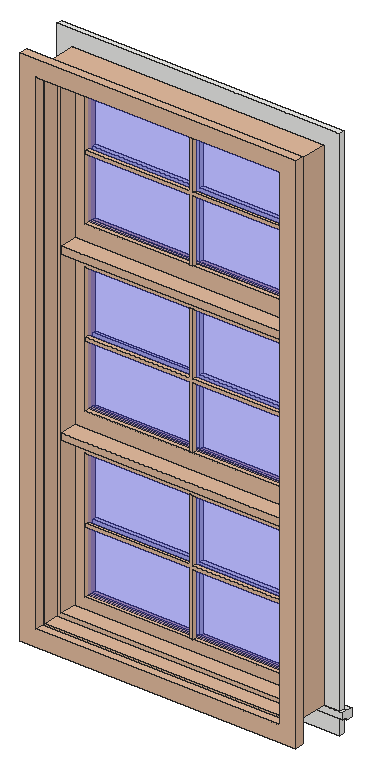
Revit family "7e31cbdf2f624aa29ed5b5c0a0895cb7", category Windows, host Wall, Revit 2021
Family settings
  Host = Wall
  OmniClass Number = 23.30.20.17.21.11
  OmniClass Title = Awning Windows
  Always vertical = Yes
  Cut with Voids When Loaded = No
  Shared = No
  Room Calculation Point = No
Parameters (values of type "36" x 72"")
  Window Inset [instance] = 0' - 0"
  Wall Thickness [instance] = 0' - 6"
  Visual Light Transmittance = 0.81
  Top Sash Height Ratio = 0.33333
  Top Sash Height = Top Sash Height Ratio * Height  # 1' - 11.99998"
  Thermal Resistance (R) = 1.8146 (h·ft²·°F)/BTU
  Solar Heat Gain Coefficient = 0.76
  Rough Width = Width + 0' 0 1/2"  # 3' - 0 1/2"
  Rough Height = Height + 0' 0 1/2"  # 6' - 0 1/2"
  Top Muntin Visibility = yes
  Muntin Pattern = Muntin Pattern_2x2 : Muntin Pattern_2x2
  Middle Sash Height Ratio = 0.33333
  Middle Sash Height = Middle Sash Height Ratio * Height  # 1' - 11.99998"
  Middle Muntin Visibility = yes
  Interior Wall Closure [instance] = 0' - 2 1/4"
  Interior Trim Visibility [instance] = yes
  Interior Trim Material = Wood - Stained
  Interior Trim = Trim-Window-Interior-Flat : Picture Frame
  Interior Frame Material = Wood - Stained
  Height = 6' - 0"
  Heat Transfer Coefficient (U) = 0.5511 BTU/(h·ft²·°F)
  Glass Panel Material = Glass
  Frame Extension [instance] = if(Exterior Trim Visibility, Window Inset + 0' 0 1/4", 0' 0 1/4")  # 0' - 0 1/4"
  Fire Rating = "0.5h"
  Exterior Wall Closure [instance] = 0' - 1 1/4"
  Exterior Trim Visibility [instance] = yes
  Exterior Trim Material = Clad - White
  Exterior Trim = Trim-Window-Exterior-Flat : with Sill
  Exterior Frame Material = Clad - White
  Extension Jamb Visibility [instance] = and(Interior Trim Visibility, Wall Thickness - Window Inset > 0' 3 3/4")  # yes
  Extension Jamb [instance] = if(Wall Thickness - Window Inset > 0' 3 3/4", Wall Thickness - Window Inset - 0' 3 3/4", 0' 1")  # 0' - 2 1/4"
  Default Sill Height = 3' - 0"
  Wall Closure = By host
  Width = 3' - 0"
  Bottom Muntin Visibility = yes
  Assembly Code = "B2020100"
  Analytic Construction = "Double glazing - domestic"
Types (2): name | Rough Width | Width
  36" x 72" | 3' - 0 1/2" | 3' - 0"
  24" x 72" | 2' - 0 1/2" | 2' - 0"
Reference planes (in)
  plane 1 "Center (Front/Back)": y = 0
  plane 2: z = 0
  plane 3 "Center (Left/Right)": x = 0
  plane 4 "Left": x = -18
  plane 5 "Right": x = 18
  plane 6 "Sill": z = 36
  plane 7 "Top": z = 108
  plane 8 "Exterior": y = 3
  plane 9 "Interior": y = -3
  plane 10 "Inset Face": y = 3
  plane 11 "Jamb": y = -0.75
  plane 12 "Sash Face": y = 3.5
  plane 13 "Wall Closure": y = -0.75
  plane 14: y = 2.25
  plane 15: z = 36.5
  plane 16: x = 17.5
  plane 17: x = 15.25
  plane 18: x = -15.25
  plane 19: x = -17.5
  plane 20: z = 107.5
  plane 21: z = 105.25
  plane 22: z = 38.75
  plane 23: y = 1.75
  plane 24: y = 3.75
  plane 25: y = 2.625
  plane 26 "Transom Height": z = 84.50002
  plane 27: z = 86.75002
  plane 28: z = 83.50002
  plane 29: y = 3.75
  plane 30: y = 1.75
  plane 31: y = -0.75
  plane 32: z = 81.24968
  plane 33: z = 84.00002
  plane 34: z = 60.00005
  plane 35: z = 60.50005
  plane 36: z = 59.50005
  plane 37: z = 57.25005
  plane 38: z = 62.75005
  plane 39: y = 3.75
Forms (in)
  Extrusion 1, solid, material "Wood - Stained" <- "Interior Frame Material", visible <- "Extension Jamb Visibility"
    sketch origin (0, 0, 0) x (1, 0, 0) y (0, 0, 1)
      loop
        line (18, 108) -> (-18, 108) -> (-18, 36) -> (18, 36) -> (18, 108)
      loop
        line (17.25, 107.25) -> (-17.25, 107.25) -> (-17.25, 36.75) -> (17.25, 36.75) -> (17.25, 107.25)
    from 0.75 to 3
  Sweep 2, solid, material "Wood - Stained" <- "Interior Frame Material"
    path origin (0, 3.5, 0) x (-1, 0, 0) y (0, 0, 1)
      loop
        line (-18, 108) -> (-18, 36) -> (18, 36) -> (18, 108) -> (-18, 108)
    profile origin (18, 3.5, 72) x (1, 0, 0) y (0, 1, 0)
      loop
        line (-1.25, -1.75) -> (-1.25, -4.25) -> (0, -4.25) -> (0, 0.25) -> (-0.5, 0.25) -> (-0.5, -1.75) -> (-1.25, -1.75)
  Sweep 3, solid, material "Wood - Stained" <- "Interior Frame Material"
    path origin (0, 3.5, 0) x (-1, 0, 0) y (0, 0, 1)
      loop
        line (-17.5, 107.5) -> (-17.5, 84.50002) -> (17.5, 84.50002) -> (17.5, 107.5) -> (-17.5, 107.5)
    profile origin (17.5, 3.5, 96.00001) x (1, 0, 0) y (0, 1, 0)
      loop
        line (-2.25, 0) -> (-2.25, -1.75) -> (0, -1.75) -> (0, 0) -> (-2.25, 0)
  Extrusion 4, solid, material "Glass" <- "Glass Panel Material"
    sketch origin (0, 0, 36) x (0, -1, 0) y (1, 0, 0)
      loop
        line (-2.25, -15.25) -> (-2.25, 15.25) -> (-2.5, 15.25) -> (-2.5, -15.25) -> (-2.25, -15.25)
      loop
        line (-2.75, -15.25) -> (-2.75, 15.25) -> (-3, 15.25) -> (-3, -15.25) -> (-2.75, -15.25)
    from 50.75002 to 69.25
  Extrusion 5, solid, material "Glass" <- "Glass Panel Material"
    sketch origin (0, 0, 36) x (0, -1, 0) y (1, 0, 0)
      loop
        line (-3, -15.25) -> (-2.75, -15.25) -> (-2.75, 15.25) -> (-3, 15.25) -> (-3, -15.25)
      loop
        line (-2.5, -15.25) -> (-2.25, -15.25) -> (-2.25, 15.25) -> (-2.5, 15.25) -> (-2.5, -15.25)
    from 2.75 to 21.25005
  Extrusion 6, solid, material "Wood - Stained" <- "Interior Frame Material"
    sketch origin (0, 0, 36) x (0, -1, 0) y (1, 0, 0)
      loop
        line (-3.75, -17.5) -> (-1.75, -17.5) -> (-1.75, -16.75) -> (0.75, -16.75) -> (0.75, 16.75) -> (-1.75, 16.75) -> (-1.75, 17.5) -> (-3.75, 17.5) -> (-3.75, -17.5)
    from 48.50002 to 47.50002
  Sweep 7, solid, material "Wood - Stained" <- "Interior Frame Material"
    path origin (-72, 3.5, 48) x (-1, 0, 0) y (0, 0, 1)
      loop
        line (-89.5, 11.50005) -> (-89.5, -11.5) -> (-54.5, -11.5) -> (-54.5, 11.50005) -> (-89.5, 11.50005)
    profile origin (17.5, 3.5, 48.00002) x (0, 1, 0) y (-1, 0, 0)
      loop
        line (0, 2.25) -> (-1.75, 2.25) -> (-1.75, 0) -> (0, 0) -> (0, 2.25)
  Sweep 8, solid, material "Wood - Stained" <- "Interior Frame Material"
    path origin (-87.75, 3.5, 48) x (-1, 0, 0) y (0, 0, 1)
      loop
        line (-105.25, 35.50002) -> (-105.25, 12.50005) -> (-70.25, 12.50005) -> (-70.25, 35.50002) -> (-105.25, 35.50002)
    profile origin (17.5, 3.5, 72.00004) x (0, 1, 0) y (-1, 0, 0)
      loop
        line (0, 0) -> (0, 2.25) -> (-1.75, 2.25) -> (-1.75, 0) -> (0, 0)
  Extrusion 9, solid, material "Glass" <- "Glass Panel Material"
    sketch origin (0, 7, 36) x (0, -1, 0) y (1, 0, 0)
      loop
        line (4, -15.25) -> (4.25, -15.25) -> (4.25, 15.25) -> (4, 15.25) -> (4, -15.25)
      loop
        line (4.5, -15.25) -> (4.75, -15.25) -> (4.75, 15.25) -> (4.5, 15.25) -> (4.5, -15.25)
    from 26.75005 to 45.24968
  Extrusion 10, solid, material "Wood - Stained" <- "Interior Frame Material"
    sketch origin (73.12899, 9, 60.00005) x (1, 0, 0) y (0, 1, 0)
      loop
        line (-90.62899, -5.25) -> (-90.62899, -7.25) -> (-89.87899, -7.25) -> (-89.87899, -9.75) -> (-56.37899, -9.75) -> (-56.37899, -7.25) -> (-55.62899, -7.25) -> (-55.62899, -5.25) -> (-90.62899, -5.25)
    from 0.5 to -0.5
Lines and regions (in)
  Opening 1
    outline origin (-60, -3, 0) x (1, 0, 0) y (0, 0, 1)
      loop
        line (42, 108) -> (42, 36) -> (78, 36) -> (78, 108) -> (42, 108)
  Split face 1
    outline origin (-15.25, 1.75, 86.75002) x (1, 0, 0) y (0, 1, 0)
      loop
        line (0, 1.25) -> (30.5, 1.25)
  Split face 2
    outline origin (15.25, 1.75, 86.75002) x (0, 0, 1) y (0, 1, 0)
      loop
        line (0, 1.25) -> (18.49998, 1.25)
  Split face 3
    outline origin (-15.25, 1.75, 105.25) x (0, 0, -1) y (0, 1, 0)
      loop
        line (0, 1.25) -> (18.49998, 1.25)
  Split face 4
    outline origin (15.25, 1.75, 105.25) x (0, 1, 0) y (-1, 0, 0)
      loop
        line (1.25, 30.5) -> (1.25, 0)
  Split face 5
    outline origin (0, 0, 84.50002) x (0, -1, 0) y (1, 0, 0)
      loop
        line (-3.5, 17.5) -> (-3.5, -17.5)
  Split face 6
    outline origin (15.25, 3.5, 38.75) x (-1, 0, 0) y (0, -1, 0)
      loop
        line (30.5, 0.5) -> (0, 0.5)
  Split face 7
    outline origin (15.25, 3.5, 57.25005) x (0, 0, -1) y (0, -1, 0)
      loop
        line (18.50005, 0.5) -> (0, 0.5)
  Split face 8
    outline origin (-15.25, 3.5, 57.25005) x (0, -1, 0) y (1, 0, 0)
      loop
        line (0.5, 30.5) -> (0.5, 0)
  Split face 9
    outline origin (-15.25, 3.5, 38.75) x (0, 0, 1) y (0, -1, 0)
      loop
        line (18.50005, 0.5) -> (0, 0.5)
  Split face 10
    outline origin (0, 0, 83.50002) x (0, -1, 0) y (1, 0, 0)
      loop
        line (-3.5, 17.5) -> (-3.5, -17.5)
  Split face 11
    outline origin (15.25, 3.5, 62.75005) x (-1, 0, 0) y (0, -1, 0)
      loop
        line (30.5, 0.5) -> (0, 0.5)
  Split face 12
    outline origin (15.25, 3.5, 81.25002) x (0, 0, -1) y (0, -1, 0)
      loop
        line (0.00035, 0.5) -> (18.49998, 0.5)
  Split face 13
    outline origin (-15.25, 3.5, 62.75005) x (0, 0, 1) y (0, -1, 0)
      loop
        line (0, 0.5) -> (18.49998, 0.5)
  Split face 14
    outline origin (-15.25, 3.5, 81.25002) x (0, -1, 0) y (1, 0, 0)
      loop
        line (0.5, 30.5) -> (0.5, 0)
  Split face 15
    outline origin (73.12899, 9, 59.50005) x (1, 0, 0) y (0, 1, 0)
      loop
        line (-55.62899, -5.5) -> (-90.62899, -5.5)
  Split face 16
    outline origin (73.12899, 9, 60.50005) x (1, 0, 0) y (0, 1, 0)
      loop
        line (-90.62899, -5.5) -> (-55.62899, -5.5)
  symbolic lines, style "Elevation Swing"
    curve 1: line (0, -3, 107.5) -> (17.5, -3, 84.50002)
    curve 2: line (0, -3, 107.5) -> (-17.5, -3, 84.50002)
    curve 3: line (0, -3, 83.50002) -> (17.5, -3, 60.50005)
    curve 4: line (0, -3, 83.50002) -> (-17.5, -3, 60.50005)
    curve 5: line (0, -3, 59.50005) -> (17.5, -3, 36.5)
    curve 6: line (0, -3, 59.50005) -> (-17.5, -3, 36.5)
Text (in)
  text "EXTERIOR" at (-58.6888, 50.90694, 0), in view "Ref. Level"
  text "INTERIOR" at (-58.6888, -37.76638, 0), in view "Ref. Level"
  text "Exterior" at (0, 43.65631, 123.19604), in view "Left"
  text "Exterior" at (0, 18.29385, 125.04747), in view "Right"
Dimensions and locks (in)
  equal spacing: plane 4 "Left", plane 3 "Center (Left/Right)", plane 5 "Right"
  "Width": plane 4 "Left" to plane 5 "Right"
  "Height": plane 6 "Sill" to plane 7 "Top"
  "Default Sill Height": plane 2 to plane 6 "Sill"
  "Window Inset": plane 8 "Exterior" to plane 10 "Inset Face"
  "Extension Jamb": plane 11 "Jamb" to plane 9 "Interior"
  locked: plane 12 "Sash Face" to plane 10 "Inset Face" at 0.5
  locked: plane 10 "Inset Face" to plane 13 "Wall Closure" at 3.75
  locked: plane 10 "Inset Face" to plane 14 at 0.75
  locked: plane 6 "Sill" to plane 15 at 0.5
  locked: Sweep 2 sketch curve to Sweep 2 sketch curve at 1.25
  locked: plane 16 to plane 5 "Right" at 0.5
  locked: plane 17 to plane 16 at 2.25
  locked: plane 4 "Left" to plane 19 at 0.5
  locked: plane 19 to plane 18 at 2.25
  locked: plane 20 to plane 7 "Top" at 0.5
  locked: Sweep 2 sketch curve to Sweep 2 sketch curve at 0.5
  equal spacing: Extrusion 4 sketch curve, Extrusion 4 sketch curve, Extrusion 4 sketch curve, Extrusion 4 sketch curve
  locked: plane 15 to plane 22 at 2.25
  locked: plane 21 to plane 20 at 2.25
  locked: plane 14 to plane 23 at 0.5
  locked: plane 24 to plane 8 "Exterior" at 0.75
  plane 12 "Sash Face" to Sweep 2 sketch curve = 0' - 1 3/4"
  equal spacing: plane 10 "Inset Face", plane 25, plane 14
  locked: plane 26 "Transom Height" to plane 27 at 2.25
  equal spacing: Extrusion 5 sketch curve, Extrusion 5 sketch curve, Extrusion 5 sketch curve, Extrusion 5 sketch curve
  "Wall Thickness": host wall to host wall
  plane 28 to plane 26 "Transom Height" = 0' - 1"
  locked: plane 29 to plane 12 "Sash Face" at 0.25
  "Interior Wall Closure": plane 31 to plane 9 "Interior"
  "Exterior Wall Closure": plane 8 "Exterior" to plane 30
  locked: plane 32 to plane 28 at 2.25035
  equal spacing: plane 28, plane 33, plane 26 "Transom Height"
  "Top Sash Height": plane 33 to plane 7 "Top"
  equal spacing: plane 36, plane 34, plane 35
  plane 36 to plane 35 = 0' - 1"
  "Middle Sash Height": plane 34 to plane 33
  locked: plane 37 to plane 36 at 2.25
  locked: plane 35 to plane 38 at 2.25
  equal spacing: Extrusion 9 sketch curve, Extrusion 9 sketch curve, Extrusion 9 sketch curve, Extrusion 9 sketch curve
  locked: Extrusion 10 sketch curve to plane 16 at 0.75
  locked: plane 19 to Extrusion 10 sketch curve at 0.75
  "Frame Extension": plane 39 to plane 12 "Sash Face"
  aligned and locked: plane 7 "Top" to Opening 1 sketch curve
  aligned and locked: plane 6 "Sill" to Opening 1 sketch curve  (x2)
  aligned and locked: plane 5 "Right" to Opening 1 sketch curve
  aligned and locked: plane 4 "Left" to Opening 1 sketch curve
  aligned and locked: level to plane 2
  aligned and locked: plane 8 "Exterior" to host wall
  aligned and locked: plane 9 "Interior" to host wall
  aligned and locked: Extrusion 1 sketch curve to plane 6 "Sill"
  aligned and locked: plane 7 "Top" to Extrusion 1 sketch curve
  aligned and locked: plane 5 "Right" to Extrusion 1 sketch curve
  aligned and locked: Extrusion 1 sketch curve to plane 4 "Left"
  aligned and locked: Extrusion 1 to plane 9 "Interior"
  aligned and locked: Sweep 2 sketch curve to plane 6 "Sill"
  aligned and locked: Sweep 2 sketch curve to plane 4 "Left"
  aligned and locked: plane 7 "Top" to Sweep 2 sketch curve
  aligned and locked: plane 5 "Right" to Sweep 2 sketch curve
  aligned and locked: Sweep 2 sketch curve to plane 5 "Right"
  aligned and locked: plane 16 to Sweep 3 sketch curve
  aligned and locked: Sweep 3 sketch curve to plane 19
  aligned and locked: Sweep 3 sketch curve to plane 20
  aligned and locked: plane 12 "Sash Face" to Sweep 3 sketch curve
  aligned and locked: Sweep 3 sketch curve to plane 16
  aligned and locked: plane 17 to Sweep 3 sketch curve
  aligned and locked: Sweep 3 sketch curve to Sweep 2
  aligned and locked: plane 17 to Extrusion 4 sketch curve  (x2)
  aligned and locked: Extrusion 4 sketch curve to plane 18  (x2)
  aligned and locked: plane 21 to Extrusion 4
  aligned and locked: plane 18 to Split face 1 sketch curve
  aligned and locked: Split face 1 sketch curve to plane 10 "Inset Face"
  aligned and locked: plane 17 to Split face 1 sketch curve
  aligned and locked: plane 3 "Center (Left/Right)" to nested 1
  aligned and locked: nested 1 to plane 8 "Exterior"
  aligned and locked: plane 21 to Split face 2 sketch curve
  aligned and locked: Split face 2 sketch curve to plane 10 "Inset Face"
  aligned and locked: plane 21 to Split face 3 sketch curve
  aligned and locked: plane 10 "Inset Face" to Split face 3 sketch curve
  aligned and locked: plane 18 to Split face 4 sketch curve
  aligned and locked: plane 17 to Split face 4 sketch curve
  aligned and locked: Split face 4 sketch curve to plane 10 "Inset Face"
  aligned and locked: plane 3 "Center (Left/Right)" to curve 1
  aligned and locked: plane 16 to curve 1
  aligned and locked: plane 20 to curve 2
  aligned and locked: nested 2 to plane 25
  aligned and locked: plane 26 "Transom Height" to Sweep 3 sketch curve
  aligned and locked: plane 27 to nested 2
  aligned and locked: Extrusion 4 to plane 27
  aligned and locked: plane 26 "Transom Height" to curve 1
  aligned and locked: plane 26 "Transom Height" to curve 2
  aligned and locked: plane 19 to curve 2
  aligned and locked: plane 26 "Transom Height" to Extrusion 6
  aligned and locked: Extrusion 6 to plane 28
  aligned and locked: plane 12 "Sash Face" to Split face 5 sketch curve
  aligned and locked: profile plane to Sweep 7 sketch curve
  aligned and locked: plane 17 to Sweep 7 sketch curve
  aligned and locked: Sweep 7 sketch curve to Sweep 2  (x2)
  aligned and locked: Extrusion 5 to Sweep 7
  aligned and locked: Extrusion 5 to plane 22
  aligned and locked: Split face 6 sketch curve to plane 10 "Inset Face"
  aligned and locked: plane 17 to Split face 7 sketch curve
  aligned and locked: Split face 9 sketch curve to plane 18
  aligned and locked: plane 12 "Sash Face" to Split face 10 sketch curve
  aligned and locked: Sweep 7 sketch curve to plane 16
  aligned and locked: Sweep 7 sketch curve to plane 15
  aligned and locked: plane 19 to Sweep 7 sketch curve
  aligned and locked: plane 16 to Sweep 7 sketch curve
  aligned and locked: Extrusion 6 sketch curve to plane 13 "Wall Closure"
  aligned and locked: plane 29 to Extrusion 6 sketch curve
  aligned and locked: nested 1 to plane 7 "Top"
  aligned and locked: nested 3 to plane 8 "Exterior"
  aligned and locked: nested 3 to plane 4 "Left"
  aligned and locked: plane 18 to Extrusion 5 sketch curve  (x2)
  aligned and locked: plane 17 to Extrusion 5 sketch curve  (x2)
  aligned and locked: plane 18 to Sweep 7
  aligned and locked: plane 21 to nested 2
  aligned and locked: nested 2 to plane 18
  aligned and locked: nested 2 to plane 17
  aligned and locked: plane 7 "Top" to nested 5
  aligned and locked: plane 7 "Top" to nested 4
  aligned and locked: plane 3 "Center (Left/Right)" to nested 4
  aligned and locked: nested 5 to plane 3 "Center (Left/Right)"
  aligned and locked: plane 11 "Jamb" to Extrusion 1
  aligned and locked: Sweep 2 sketch curve to plane 13 "Wall Closure"
  aligned and locked: nested 6 to plane 18
  aligned and locked: nested 6 to plane 17
  aligned and locked: plane 22 to nested 6
  aligned and locked: nested 6 to plane 25
  aligned and locked: plane 36 to Sweep 7 sketch curve
  aligned and locked: plane 37 to nested 6
  aligned and locked: plane 28 to Sweep 8 sketch curve
  aligned and locked: Sweep 8 sketch curve to plane 35
  aligned and locked: Sweep 8 sketch curve to plane 16
  aligned and locked: plane 19 to Sweep 8 sketch curve
  aligned and locked: nested 7 to plane 17
  aligned and locked: nested 7 to plane 18
  aligned and locked: plane 32 to nested 7
  aligned and locked: plane 38 to nested 7
  aligned and locked: plane 3 "Center (Left/Right)" to nested 7
  aligned and locked: nested 7 to plane 25
  aligned and locked: plane 17 to Sweep 8 sketch curve
  aligned and locked: Sweep 8 sketch curve to plane 23
  aligned and locked: plane 32 to Extrusion 9
  aligned and locked: Extrusion 9 to plane 38
  aligned and locked: Extrusion 9 sketch curve to plane 10 "Inset Face"
  aligned and locked: plane 14 to Extrusion 9 sketch curve
  aligned and locked: Extrusion 9 sketch curve to plane 18  (x2)
  aligned and locked: plane 17 to Extrusion 9 sketch curve  (x2)
  aligned and locked: Extrusion 10 to plane 36
  aligned and locked: plane 35 to Extrusion 10
  aligned and locked: plane 29 to Extrusion 10 sketch curve
  aligned and locked: plane 19 to Extrusion 10 sketch curve
  aligned and locked: Extrusion 10 sketch curve to plane 23  (x2)
  aligned and locked: Extrusion 10 sketch curve to plane 13 "Wall Closure"
  aligned and locked: Extrusion 10 sketch curve to plane 16
  aligned and locked: Extrusion 5 sketch curve to plane 10 "Inset Face"
  aligned and locked: plane 14 to Extrusion 5 sketch curve
  aligned and locked: plane 10 "Inset Face" to Extrusion 4 sketch curve
  aligned and locked: Extrusion 4 sketch curve to plane 14
  aligned and locked: plane 3 "Center (Left/Right)" to nested 8
  aligned and locked: nested 8 to plane 8 "Exterior"
  aligned and locked: plane 33 to nested 3
  aligned and locked: plane 34 to nested 8
  aligned and locked: plane 3 "Center (Left/Right)" to curve 4
  aligned and locked: plane 35 to curve 3
  aligned and locked: plane 16 to curve 3
  aligned and locked: plane 35 to curve 4
  aligned and locked: plane 19 to curve 4
  aligned and locked: plane 3 "Center (Left/Right)" to curve 6
  aligned and locked: plane 15 to curve 5
  aligned and locked: plane 16 to curve 5
  aligned and locked: plane 15 to curve 6
  aligned and locked: plane 19 to curve 6
  aligned and locked: plane 36 to curve 5
  aligned and locked: plane 28 to curve 3
  aligned and locked: Split face 11 sketch curve to plane 10 "Inset Face"
  aligned and locked: Split face 12 sketch curve to plane 10 "Inset Face"
  aligned and locked: plane 10 "Inset Face" to Split face 13 sketch curve
  aligned and locked: plane 10 "Inset Face" to Split face 14 sketch curve
  aligned and locked: plane 12 "Sash Face" to Split face 15 sketch curve
  aligned and locked: Split face 16 sketch curve to plane 12 "Sash Face"
  aligned and locked: plane 39 to Sweep 2 sketch curve
Automatic sketch dimensions
  Sweep 7 to Split face 7 sketch curve = 0' - 0"
  Split face 7 sketch curve to Sweep 7 = 0' - 0"
  Split face 7 sketch curve to Sweep 7 = 0' - 0 1/2"
  Sweep 7 to Split face 9 sketch curve = 0' - 0"
  Split face 9 sketch curve to Sweep 7 = 0' - 0 1/2"
  Split face 9 sketch curve to Sweep 7 = 0' - 0"
  Extrusion 1 sketch curve to plane 19 = 0' - 0 1/4"
  plane 16 to Extrusion 1 sketch curve = 0' - 0 1/4"
  plane 15 to Extrusion 1 sketch curve = 0' - 0 1/4"
  Extrusion 1 sketch curve to plane 20 = 0' - 0 1/4"
  Split face 2 sketch curve to Sweep 3 = 0' - 0"
  Split face 3 sketch curve to Sweep 3 = 0' - 0"
  Extrusion 6 sketch curve to plane 23 = 0' - 0"  (x2)
  Extrusion 6 sketch curve to plane 16 = 0' - 0"
  Extrusion 6 sketch curve to plane 19 = 0' - 0"
  Extrusion 6 sketch curve to plane 19 = 0' - 0 3/4"
  plane 16 to Extrusion 6 sketch curve = 0' - 0 3/4"
  Split face 5 sketch curve to Extrusion 6 = 0' - 0"  (x2)
  Split face 6 sketch curve to Sweep 7 = 0' - 0"  (x2)
  Split face 8 sketch curve to Sweep 7 = 0' - 0"  (x2)
  Split face 8 sketch curve to Sweep 7 = 0' - 0 1/2"
  Split face 10 sketch curve to Extrusion 6 = 0' - 0"  (x2)
  Sweep 8 sketch curve to plane 12 "Sash Face" = 0' - 0"
  Sweep 8 sketch curve to profile plane = 0' - 0"
  Split face 11 sketch curve to Sweep 8 = 0' - 0"  (x2)
  Split face 12 sketch curve to Sweep 8 = 0' - 0"
  Sweep 8 to Split face 12 sketch curve = 0' - 0.00035"
  Split face 13 sketch curve to Sweep 8 = 0' - 0"
  Sweep 8 to Split face 13 sketch curve = 0' - 0"
  Split face 14 sketch curve to Sweep 8 = 0' - 0"  (x2)
  Split face 15 sketch curve to Extrusion 10 = 0' - 0"  (x2)
  Split face 16 sketch curve to Extrusion 10 = 0' - 0"  (x2)
Nested families (in)
  nested 1: "Plan-Awning" at (0, 3, 84.00002), Width <- "Width", Window Inset <- "Window Inset", Height <- "Top Sash Height", Wall Thickness <- "Wall Thickness", type "Plan-Awning"
    with Window Inset of 3D 0' - 0", Window Inset 0' - 0", Width 3' - 0", Wall Thickness 0' - 6", Top Line yes, Right Line yes, Left Line yes, Height 1' - 11.99998", Bottom Line no
  nested 2: "Muntin Pattern_2x2" at (0, 2.625, 86.75002), visible <- "Top Muntin Visibility", Exterior Material <- "Exterior Frame Material", Interior Material <- "Interior Frame Material", type <- "Muntin Pattern", type "Muntin Pattern_2x2"
    with Width 2' - 6 1/2", Interior Material Wood - Stained, Height 1' - 6.49998", Exterior Material Clad - White
  nested 3: "Plan-Awning" at (0, 3, 60.00005), Window Inset <- "Window Inset", Width <- "Width", Height <- "Top Sash Height", Wall Thickness <- "Wall Thickness", type "Plan-Awning"
    with Window Inset of 3D 0' - 0", Window Inset 0' - 0", Width 3' - 0", Wall Thickness 0' - 6", Top Line no, Right Line yes, Left Line yes, Height 1' - 11.99998", Bottom Line no
  nested 4: "Trim-Window-Interior-Flat" at (0, -3, 108) x (1, 0, 0) z (0, -1, 0), visible <- "Interior Trim Visibility", Trim Material <- "Interior Trim Material", Opening Width <- "Width", Opening Height <- "Height", type <- "Interior Trim", type "Picture Frame"
    with Trim Material Wood - Stained, Opening Width 3' - 0", Opening Height 6' - 0"
  nested 5: "Trim-Window-Exterior-Flat" at (0, 3, 108) x (-1, 0, 0) z (0, 1, 0), Opening Width <- "Width", Opening Height <- "Height", Trim Material <- "Exterior Trim Material", visible <- "Exterior Trim Visibility", type <- "Exterior Trim", type "with Sill"
    with Trim Material Clad - White, Opening Width 3' - 0", Opening Height 6' - 0"
  nested 6: "Muntin Pattern_2x2" at (0, 2.625, 38.75), visible <- "Bottom Muntin Visibility", Exterior Material <- "Exterior Frame Material", Interior Material <- "Interior Frame Material", type <- "Muntin Pattern", type "Muntin Pattern_2x2"
    with Width 2' - 6 1/2", Interior Material Wood - Stained, Height 1' - 6.50005", Exterior Material Clad - White
  nested 7: "Muntin Pattern_2x2" at (0, 2.625, 62.75005), visible <- "Middle Muntin Visibility", Exterior Material <- "Exterior Frame Material", Interior Material <- "Interior Frame Material", type <- "Muntin Pattern", type "Muntin Pattern_2x2"
    with Width 2' - 6 1/2", Interior Material Wood - Stained, Height 1' - 6.49963", Exterior Material Clad - White
  nested 8: "Plan-Awning" at (0, 3, 36.00007), Window Inset <- "Window Inset", Width <- "Width", Height <- "Top Sash Height", Wall Thickness <- "Wall Thickness", type "Plan-Awning"
    with Window Inset of 3D 0' - 0", Window Inset 0' - 0", Width 3' - 0", Wall Thickness 0' - 6", Top Line no, Right Line yes, Left Line yes, Height 1' - 11.99998", Bottom Line yes
Definition of nested family "Muntin Pattern_2x2"
  Parameters (values of type "Muntin Pattern_2x2")
    Width [instance] = 4' - 0"
    Thickness = 0' - 0 1/2"
    Height [instance] = 4' - 0"
    Interior Material [instance] = none
    Exterior Material [instance] = none
    Distance = 0' - 0 3/4"
    Default Elevation = 0' - 0"
  Reference planes (in)
    plane 1 "Center (Front/Back)": y = 0
    plane 2: z = 0
    plane 3 "Center (Left/Right)": x = 0
    plane 4: z = 48
    plane 5: x = -24
    plane 6: x = 24
    plane 7: z = 24
    plane 8: y = 0.375
    plane 9: y = 0.875
    plane 10: y = -0.375
    plane 11: y = -0.875
  Forms (in)
    Extrusion 1, solid, material <- "Interior Material", detail levels fine
      sketch origin (0, 0, 0) x (1, 0, 0) y (0, 0, 1)
        loop
          line (-24, 24.25) -> (-24, 23.75) -> (-0.25, 23.75) -> (-0.25, 0) -> (0.25, 0) -> (0.25, 23.75) -> (24, 23.75) -> (24, 24.25) -> (0.25, 24.25) -> (0.25, 48) -> (-0.25, 48) -> (-0.25, 24.25) -> (-24, 24.25)
      from 0.375 to 0.875
    Extrusion 2, solid, material <- "Exterior Material", detail levels fine
      sketch origin (0, 0, 0) x (1, 0, 0) y (0, 0, -1)
        loop
          line (-24, -24.25) -> (-0.25, -24.25) -> (-0.25, -48) -> (0.25, -48) -> (0.25, -24.25) -> (24, -24.25) -> (24, -23.75) -> (0.25, -23.75) -> (0.25, 0) -> (-0.25, 0) -> (-0.25, -23.75) -> (-24, -23.75) -> (-24, -24.25)
      from 0.375 to 0.875
  Lines and regions (in)
    model lines, detail levels medium
      curve 1: line (0, 0.375, 48) -> (0, 0.375, 0)
      curve 2: line (-24, -0.375, 24) -> (24, -0.375, 24)
      curve 3: line (-24, 0.375, 24) -> (24, 0.375, 24)
      curve 4: line (0, -0.375, 48) -> (0, -0.375, 0)
  Dimensions and locks (in)
    equal spacing: plane 6, plane 3 "Center (Left/Right)", plane 5
    "Width": plane 6 to plane 5
    "Height": plane 4 to plane 2
    equal spacing: plane 4, plane 7, plane 2
    locked: plane 3 "Center (Left/Right)" to Extrusion 1 sketch curve at 0.25  (x4)
    locked: Extrusion 1 sketch curve to plane 7 at 0.25  (x2)
    locked: plane 7 to Extrusion 1 sketch curve at 0.25  (x2)
    "Thickness": plane 9 to plane 8
    "Thickness": plane 10 to plane 11
    "Distance": plane 8 to plane 10
    equal spacing: plane 8, plane 1 "Center (Front/Back)", plane 10
    aligned and locked: plane 2 to level
    aligned and locked: plane 4 to curve 1
    aligned and locked: plane 5 to curve 2
    aligned and locked: plane 2 to curve 1
    aligned and locked: plane 6 to curve 2
    aligned and locked: Extrusion 1 sketch curve to plane 4
    aligned and locked: Extrusion 1 sketch curve to plane 6
    aligned and locked: Extrusion 1 sketch curve to plane 5
    aligned and locked: Extrusion 1 sketch curve to level
    aligned and locked: Extrusion 1 to plane 11
    aligned and locked: plane 10 to Extrusion 1
    aligned and locked: Extrusion 2 to plane 5
    aligned and locked: plane 6 to Extrusion 2
    aligned and locked: Extrusion 2 to plane 8
    aligned and locked: plane 9 to Extrusion 2
    aligned and locked: Extrusion 2 to plane 2
    aligned and locked: plane 4 to Extrusion 2
    aligned and locked: plane 5 to curve 3
    aligned and locked: plane 6 to curve 3
    aligned and locked: plane 4 to curve 4
    aligned and locked: plane 2 to curve 4
    aligned and locked: plane 8 to curve 3
  Automatic sketch dimensions
    curve 2 to plane 7 = 0' - 0"
    Extrusion 2 sketch curve to plane 5 = 0' - 0"
    Extrusion 2 sketch curve to level = 0' - 0"
    Extrusion 2 sketch curve to plane 4 = 0' - 0"
    Extrusion 2 sketch curve to plane 6 = 0' - 0"
    Extrusion 2 sketch curve to plane 3 "Center (Left/Right)" = 0' - 0 1/4"  (x2)
    plane 3 "Center (Left/Right)" to Extrusion 2 sketch curve = 0' - 0 1/4"  (x2)
    plane 7 to Extrusion 2 sketch curve = 0' - 0 1/4"  (x2)
    Extrusion 2 sketch curve to plane 7 = 0' - 0 1/4"  (x2)
    curve 4 to plane 3 "Center (Left/Right)" = 0' - 0"
    curve 4 to level = 0' - 0"
    curve 4 to plane 4 = 0' - 0"
    curve 3 to plane 6 = 0' - 0"
    curve 1 to plane 3 "Center (Left/Right)" = 0' - 0"
    curve 3 to plane 5 = 0' - 0"
    curve 3 to plane 7 = 0' - 0"
Definition of nested family "Trim-Window-Interior-Flat"
  Parameters (values of type "with Sill")
    Trim Thickness_Picture Frame = 0' - 1 1/4"
    Trim Width = 0' - 2 1/4"
    Trim Thickness_with Sill = 0' - 0 3/4"
    Trim Material [instance] = none
    Sill Thickness = 0' - 1 1/4"
    Sill = yes
    Picture Frame = no
    Opening Width [instance] = 2' - 0"
    Opening Height [instance] = 3' - 0"
    Default Elevation = 4' - 0"
  Types (2): name | Sill | Picture Frame
    with Sill | yes | no
    Picture Frame | no | yes
  Reference planes (in)
    plane 1 "Center (Front/Back)": y = 0
    plane 2: z = 0
    plane 3 "Center (Left/Right)": x = 0
    plane 4: y = 1.75
    plane 5 "Left": x = -12
    plane 6 "Right": x = 12
    plane 7 "Bottom": y = -36
    plane 8: y = -37.25
    plane 9: y = -39.12332
    plane 10: x = 13.75
    plane 11: x = -13.75
    plane 12: z = 0.75
    plane 13: z = 1.25
    plane 14: x = 14.25
    plane 15: x = -14.25
    plane 16: y = -36.87332
    plane 17: y = -37.75
    plane 18: z = 0.5
    plane 19: x = -11.5
    plane 20: y = -0.5
    plane 21: x = 11.5
    plane 22: y = -35.5
    plane 23: x = -13.25
    plane 24: x = 13.25
    plane 25: y = -18
  Forms (in)
    Extrusion 1, solid
      sketch origin (0, 0, 0) x (1, 0, 0) y (0, 1, 0)
        loop
          line (-13.75, 1.75) -> (-13.75, -37.75) -> (13.75, -37.75) -> (13.75, 1.75) -> (-13.75, 1.75)
      from 0 to -12
    Extrusion 2, solid, material <- "Trim Material", visible <- "Sill"
      sketch origin (0, 0, 0) x (1, 0, 0) y (0, 1, 0)
        loop
          line (-13.25, -36) -> (-11.5, -36) -> (-11.5, 0) -> (11.5, 0) -> (11.5, -36) -> (13.25, -36) -> (13.25, 1.75) -> (-13.25, 1.75) -> (-13.25, -36)
      from 0 to 0.75
    Extrusion 3, solid, material <- "Trim Material", visible <- "Sill"
      sketch origin (0, 0, 0) x (0, 1, 0) y (0, 0, 1)
        loop
          line (-36.5, 1.5) -> (-36.87332, 1.5) -> (-36.87332, 0) -> (-36, 0) -> (-36, 1)
          arc (-36, 1) -> (-36.14645, 1.35355) -> (-36.5, 1.5) r 0.5
      from -13.75 to 13.75
    Extrusion 4, solid, material <- "Trim Material", visible <- "Sill"
      sketch origin (0, 0, 0) x (1, 0, 0) y (0, 1, 0)
        loop
          line (-13.25, -36.87332) -> (-13.25, -39.12332) -> (13.25, -39.12332) -> (13.25, -36.87332) -> (-13.25, -36.87332)
      from 0 to 0.75
    Extrusion 5, solid, material <- "Trim Material", visible <- "Picture Frame"
      sketch origin (0, 0, 0) x (1, 0, 0) y (0, 1, 0)
        loop
          line (-11.5, -0.5) -> (-11.5, -35.5) -> (11.5, -35.5) -> (11.5, -0.5) -> (-11.5, -0.5)
        loop
          line (-13.75, 1.75) -> (-13.75, -37.75) -> (13.75, -37.75) -> (13.75, 1.75) -> (-13.75, 1.75)
      from 0 to 1.25
  Dimensions and locks (in)
    equal spacing: plane 5 "Left", plane 3 "Center (Left/Right)", plane 6 "Right"
    "Opening Width": plane 5 "Left" to plane 6 "Right"
    "Opening Height": plane 7 "Bottom" to plane 1 "Center (Front/Back)"
    "Sill Thickness": plane 7 "Bottom" to plane 8
    "Trim Width": plane 11 to plane 19
    "Trim Width": plane 21 to plane 10
    "Trim Width": plane 20 to plane 4
    "Trim Thickness_with Sill": plane 12 to plane 2
    locked: plane 15 to plane 11 at 0.5
    locked: plane 10 to plane 14 at 0.5
    locked: plane 16 to plane 8 at 0.37668
    "Trim Width": plane 9 to plane 16
    "Trim Width": plane 17 to plane 22
    plane 20 to plane 1 "Center (Front/Back)" = 0' - 0 1/2"
    plane 5 "Left" to plane 19 = 0' - 0 1/2"
    plane 21 to plane 6 "Right" = 0' - 0 1/2"
    plane 22 to plane 7 "Bottom" = 0' - 0 1/2"
    locked: plane 11 to plane 23 at 0.5
    locked: plane 24 to plane 10 at 0.5
    equal spacing: plane 7 "Bottom", plane 25, plane 1 "Center (Front/Back)"
    "Trim Thickness_Picture Frame": plane 13 to plane 2
    locked: Extrusion 3 to plane 12 at 0.75
    locked: plane 12 to Extrusion 3 sketch curve at 0.75
    radius of Extrusion 3 sketch curve = 0' - 0 1/2"
    aligned and locked: plane 2 to Extrusion 1
    aligned and locked: level to Extrusion 1
    aligned and locked: plane 7 "Bottom" to Extrusion 2 sketch curve  (x2)
    aligned and locked: plane 1 "Center (Front/Back)" to Extrusion 2 sketch curve
    aligned and locked: plane 12 to Extrusion 2
    aligned and locked: Extrusion 3 sketch curve to level
    aligned and locked: plane 7 "Bottom" to Extrusion 3 sketch curve
    aligned and locked: plane 16 to Extrusion 4 sketch curve
    aligned and locked: plane 9 to Extrusion 4 sketch curve
    aligned and locked: Extrusion 2 sketch curve to plane 4
    aligned and locked: Extrusion 5 sketch curve to plane 4
    aligned and locked: Extrusion 5 sketch curve to plane 17
    aligned and locked: plane 10 to Extrusion 5 sketch curve
    aligned and locked: Extrusion 5 sketch curve to plane 11
    aligned and locked: plane 13 to Extrusion 5
    aligned and locked: Extrusion 5 sketch curve to plane 20
    aligned and locked: Extrusion 5 sketch curve to plane 19
    aligned and locked: Extrusion 5 sketch curve to plane 21
    aligned and locked: plane 22 to Extrusion 5 sketch curve
    aligned and locked: Extrusion 4 to plane 24
    aligned and locked: plane 11 to Extrusion 3
    aligned and locked: Extrusion 3 to plane 10
    aligned and locked: Extrusion 2 sketch curve to plane 21
    aligned and locked: Extrusion 2 sketch curve to plane 24
    aligned and locked: Extrusion 2 sketch curve to plane 19
    aligned and locked: Extrusion 2 sketch curve to plane 23
    aligned and locked: plane 12 to Extrusion 4
  Automatic sketch dimensions
    Extrusion 1 sketch curve to Extrusion 1 sketch curve = 2' - 3 1/2"
    Extrusion 1 sketch curve to Extrusion 1 sketch curve = 3' - 3 1/2"
    Extrusion 3 sketch curve to plane 16 = 0' - 0"
    Extrusion 4 sketch curve to plane 11 = 0' - 0 1/2"
    Extrusion 4 sketch curve to plane 24 = 0' - 0"
Definition of nested family "Trim-Window-Exterior-Flat"
  Parameters (values of type "with Sill")
    Trim Width = 0' - 2 1/4"
    Trim Thickness_Picture Frame = 0' - 1 1/4"
    Trim Thickness_with Sill = 0' - 0 3/4"
    Trim Material [instance] = none
    Sill Thickness = 0' - 1 1/4"
    Sill = yes
    Picture Frame = no
    Opening Width [instance] = 2' - 0"
    Opening Height [instance] = 3' - 0"
    Default Elevation = 4' - 0"
  Types (2): name | Sill | Picture Frame
    with Sill | yes | no
    Picture Frame | no | yes
  Reference planes (in)
    plane 1 "Center (Front/Back)": y = 0
    plane 2: z = 0
    plane 3 "Center (Left/Right)": x = 0
    plane 4: y = 2.25
    plane 5 "Left": x = -12
    plane 6 "Right": x = 12
    plane 7 "Bottom": y = -36
    plane 8: y = -37.25
    plane 9: y = -39.12332
    plane 10: x = 14.25
    plane 11: x = -14.25
    plane 12: z = 0.75
    plane 13: z = 1.25
    plane 14: x = 14.75
    plane 15: x = -14.75
    plane 16: y = -36.87332
    plane 17: y = -38.25
    plane 18: z = 0.5
    plane 19: y = -18
    plane 20: z = 1.5
  Forms (in)
    Extrusion 1, solid
      sketch origin (0, 0, 0) x (1, 0, 0) y (0, 1, 0)
        loop
          line (-14.25, 2.25) -> (-14.25, -39.12332) -> (14.25, -39.12332) -> (14.25, 2.25) -> (-14.25, 2.25)
      from 0 to -12
    Extrusion 2, solid, material <- "Trim Material", visible <- "Sill"
      sketch origin (0, 0, 0) x (1, 0, 0) y (0, 1, 0)
        loop
          line (-14.25, -36) -> (-12, -36) -> (-12, 0) -> (12, 0) -> (12, -36) -> (14.25, -36) -> (14.25, 2.25) -> (-14.25, 2.25) -> (-14.25, -36)
      from 0 to 0.75
    Extrusion 3, solid, material <- "Trim Material", visible <- "Sill"
      sketch origin (0, 0, 0) x (0, 1, 0) y (0, 0, 1)
        loop
          line (-36.09677, 1.5) -> (-37.25, 1.5) -> (-37.25, 0.75) -> (-36.87332, 0.75) -> (-36.87332, 0) -> (-36, 0) -> (-36, 0.75) -> (-36.09677, 1.5)
      from -14.75 to 14.75
    Extrusion 4, solid, material <- "Trim Material", visible <- "Sill"
      sketch origin (0, 0, 0) x (1, 0, 0) y (0, 1, 0)
        loop
          line (-14.25, -36.87332) -> (-14.25, -39.12332) -> (14.25, -39.12332) -> (14.25, -36.87332) -> (-14.25, -36.87332)
      from 0 to 0.75
    Extrusion 5, solid, material <- "Trim Material", visible <- "Picture Frame"
      sketch origin (0, 0, 0) x (1, 0, 0) y (0, 1, 0)
        loop
          line (-12, 0) -> (-12, -36) -> (12, -36) -> (12, 0) -> (-12, 0)
        loop
          line (-14.25, 2.25) -> (-14.25, -38.25) -> (14.25, -38.25) -> (14.25, 2.25) -> (-14.25, 2.25)
      from 0 to 1.25
  Dimensions and locks (in)
    equal spacing: plane 5 "Left", plane 3 "Center (Left/Right)", plane 6 "Right"
    "Opening Width": plane 5 "Left" to plane 6 "Right"
    "Opening Height": plane 7 "Bottom" to plane 1 "Center (Front/Back)"
    "Sill Thickness": plane 7 "Bottom" to plane 8
    "Trim Width": plane 11 to plane 5 "Left"
    "Trim Width": plane 6 "Right" to plane 10
    "Trim Width": plane 1 "Center (Front/Back)" to plane 4
    locked: plane 15 to plane 11 at 0.5
    locked: plane 10 to plane 14 at 0.5
    locked: plane 16 to plane 8 at 0.37668
    "Trim Width": plane 9 to plane 16
    "Trim Width": plane 17 to plane 7 "Bottom"
    locked: plane 18 to plane 2 at 0.5
    equal spacing: plane 7 "Bottom", plane 19, plane 1 "Center (Front/Back)"
    locked: plane 20 to plane 12 at 0.75
    "Trim Thickness_with Sill": plane 12 to plane 2
    "Trim Thickness_Picture Frame": plane 13 to plane 2
    aligned and locked: plane 2 to Extrusion 1
    aligned and locked: level to Extrusion 1
    aligned and locked: Extrusion 2 sketch curve to plane 5 "Left"
    aligned and locked: Extrusion 2 sketch curve to plane 11
    aligned and locked: plane 7 "Bottom" to Extrusion 2 sketch curve  (x2)
    aligned and locked: plane 1 "Center (Front/Back)" to Extrusion 2 sketch curve
    aligned and locked: plane 10 to Extrusion 2 sketch curve
    aligned and locked: Extrusion 2 sketch curve to plane 6 "Right"
    aligned and locked: plane 12 to Extrusion 2
    aligned and locked: Extrusion 3 sketch curve to level
    aligned and locked: plane 7 "Bottom" to Extrusion 3 sketch curve
    aligned and locked: Extrusion 3 sketch curve to plane 8
    aligned and locked: plane 15 to Extrusion 3
    aligned and locked: Extrusion 3 to plane 14
    aligned and locked: plane 10 to Extrusion 4 sketch curve
    aligned and locked: Extrusion 4 sketch curve to plane 11
    aligned and locked: plane 16 to Extrusion 4 sketch curve
    aligned and locked: plane 9 to Extrusion 4 sketch curve
    aligned and locked: Extrusion 4 to Extrusion 2
    aligned and locked: Extrusion 2 sketch curve to plane 4
    aligned and locked: plane 1 "Center (Front/Back)" to Extrusion 5 sketch curve
    aligned and locked: Extrusion 5 sketch curve to plane 4
    aligned and locked: Extrusion 5 sketch curve to plane 17
    aligned and locked: plane 7 "Bottom" to Extrusion 5 sketch curve
    aligned and locked: Extrusion 5 sketch curve to plane 6 "Right"
    aligned and locked: plane 10 to Extrusion 5 sketch curve
    aligned and locked: Extrusion 5 sketch curve to plane 5 "Left"
    aligned and locked: Extrusion 5 sketch curve to plane 11
    aligned and locked: plane 13 to Extrusion 5
    aligned and locked: plane 20 to Extrusion 3
  Automatic sketch dimensions
    Extrusion 1 sketch curve to Extrusion 1 sketch curve = 2' - 4 1/2"
    Extrusion 1 sketch curve to Extrusion 1 sketch curve = 3' - 5.37332"
    Extrusion 3 sketch curve to plane 16 = 0' - 0"
    Extrusion 3 sketch curve to plane 12 = 0' - 0"  (x2)
    Extrusion 3 sketch curve to plane 7 "Bottom" = 0' - 0.09677"
    plane 13 to Extrusion 3 sketch curve = 0' - 0 1/4"
Definition of nested family "Plan-Awning"
  Parameters (values of type "Plan-Awning")
    Window Inset [instance] = 0' - 2"
    Window Inset of 3D [instance] = if(Window Inset - 0' 0 1/2" < 0' 0", 0' 0", if(Window Inset - 0' 0 1/2" < Wall Thickness - 0' 3 1/2", Window Inset - 0' 0 1/2", Wall Thickness - 0' 3 1/2"))  # 0' - 1 1/2"
    Width [instance] = 4' - 0"
    Wall Thickness [instance] = 0' - 6"
    Top Line [instance] = yes
    Rough Width = 3' - 0 1/2"
    Rough Height = 3' - 0 1/2"
    Right Line [instance] = yes
    Left Line [instance] = yes
    Height [instance] = 4' - 0"
    Default Elevation = 4' - 0"
    Bottom Line [instance] = yes
    Analytic Construction = "<None>"
  Reference planes (in)
    plane 1 "Center (Front/Back)": y = 0
    plane 2: z = 0
    plane 3 "Center (Left/Right)": x = 0
    plane 4: x = -24
    plane 5: x = 24
    plane 6 "Jamb": y = -5
    plane 7: x = -23.5
    plane 8: x = -22.75
    plane 9: y = -1.5
    plane 10: y = -3.25
    plane 11: y = -2.375
    plane 12: x = -21.25
    plane 13: x = 23.5
    plane 14: x = 22.75
    plane 15: x = 21.25
    plane 16 "Window Inset": y = -2
    plane 17 "Wall": y = -6
    plane 18: z = 48
    plane 19: z = 47.5
    plane 20: z = 0.5
    plane 21: z = 46.75
    plane 22: z = 1.25
    plane 23: z = 45.25
    plane 24: z = 2.75
    plane 25: z = 24
  Lines and regions (in)
    Masking region 1
      outline origin (0, 0.75, 0) x (1, 0, 0) y (0, 1, 0)
        loop
          line (-24, -6.75) -> (24, -6.75) -> (24, -0.75) -> (-24, -0.75) -> (-24, -6.75)
    Masking region 2
      outline origin (0, 0, 0) x (0, 1, 0) y (0, 0, 1)
        loop
          line (-6, 48) -> (-6, 0) -> (0, 0) -> (0, 48) -> (-6, 48)
    symbolic lines
      curve 1: line (-23.5, -3.25, 0) -> (-22.75, -3.25, 0)
      curve 2: line (-22.75, -3.25, 0) -> (-22.75, -5, 0)
      curve 3: line (-23.5, -1.5, 0) -> (-23.5, -3.25, 0)
      curve 4: line (-21.25, -1.5, 0) -> (-21.25, -3.25, 0)
      curve 5: line (-21.25, -3.25, 0) -> (-22.75, -3.25, 0)
      curve 6: line (-21.25, -2.375, 0) -> (21.25, -2.375, 0)
      curve 7: line (22.75, -3.25, 0) -> (22.75, -5, 0)
      curve 8: line (23.5, -1.5, 0) -> (23.5, -3.25, 0)
      curve 9: line (21.25, -1.5, 0) -> (21.25, -3.25, 0)
      curve 10: line (21.25, -3.25, 0) -> (23.5, -3.25, 0)
      curve 11: line (-24, -5, 0) -> (-22.75, -5, 0)
      curve 12: line (22.75, -5, 0) -> (-22.75, -5, 0)
      curve 13: line (0, -3.25, 46.75) -> (0, -5, 46.75)
      curve 14: line (0, -5, 0) -> (0, -5, 1.25)
      curve 15: line (0, -1.5, 0.5) -> (0, -3.25, 0.5)
      curve 16: line (0, -3.25, 0.5) -> (0, -3.25, 2.75)
      curve 17: line (0, -3.25, 1.25) -> (0, -5, 1.25)
      curve 18: line (0, -1.5, 48) -> (0, -1.5, 45.25)
      curve 19: line (0, -1.5, 45.25) -> (0, -3.25, 45.25)
      curve 20: line (0, -3.25, 2.75) -> (0, -1.5, 2.75)
      curve 21: line (0, -2.375, 2.75) -> (0, -2.375, 45.25)
      curve 22: line (0, -3.25, 47.5) -> (0, -3.25, 45.25)
      curve 23: line (21.25, -1.5, 0) -> (24, -1.5, 0)
      curve 24: line (21.25, -1.5, 0) -> (-21.25, -1.5, 0)
      curve 25: line (0, -1.5, 2.75) -> (0, -1.5, 0)
      curve 26: line (-21.25, -1.5, 0) -> (-24, -1.5, 0)
      curve 27: line (0, -1.5, 45.25) -> (0, -1.5, 2.75)
      curve 32: line (22.75, -5, 0) -> (24, -5, 0)
      curve 33: line (0, -1.5, 47.5) -> (0, -3.25, 47.5)
      curve 34: line (0, -5, 46.75) -> (0, -5, 48)
      curve 35: line (0, -5, 1.25) -> (0, -5, 46.75)
      curve 36: line (0, -3.25, 47.5) -> (0, 20.25, 6.79681)
      curve 37: arc (0, -3.25, 0.5) -> (0, 8.9145, 2.10149) -> (0, 20.25, 6.79681) r 47
    symbolic lines, visible <- "Top Line"
      curve 28: line (0, 0, 48) -> (0, -6, 48)
    symbolic lines, visible <- "Bottom Line"
      curve 29: line (0, 0, 0) -> (0, -6, 0)
    symbolic lines, visible <- "Left Line"
      curve 30: line (-24, 0, 0) -> (-24, -6, 0)
    symbolic lines, visible <- "Right Line"
      curve 31: line (24, 0, 0) -> (24, -6, 0)
  Dimensions and locks (in)
    "Width": plane 4 to plane 5
    equal spacing: plane 4, plane 3 "Center (Left/Right)", plane 5
    plane 4 to plane 7 to plane 8 = 0' - 0 1/2" locked, 0' - 0 3/4" locked
    equal spacing: plane 9, plane 11, plane 10
    locked: plane 7 to plane 12 at 2.25
    plane 5 to plane 13 to plane 14 = 0' - 0 1/2" locked, 0' - 0 3/4" locked
    locked: plane 13 to plane 15 at 2.25
    locked: plane 9 to plane 16 "Window Inset" at 0.5
    locked: plane 9 to plane 10 at 1.75
    "Wall Thickness": plane 17 "Wall" to plane 1 "Center (Front/Back)"
    "Height": plane 18 to plane 2
    locked: plane 18 to plane 19 at 0.5
    locked: plane 20 to plane 2 at 0.5
    locked: plane 19 to plane 21 at 0.75
    locked: plane 22 to plane 20 at 0.75
    locked: plane 19 to plane 23 at 2.25
    locked: plane 24 to plane 20 at 2.25
    locked: plane 10 to plane 6 "Jamb" at 1.75
    "Window Inset of 3D": plane 9 to plane 1 "Center (Front/Back)"
    equal spacing: plane 18, plane 25, plane 2
    locked: plane 10 to curve 36 (angle 30.00°)
    aligned and locked: plane 2 to level
    aligned and locked: curve 2 to plane 8
    aligned and locked: curve 1 to plane 10
    aligned and locked: plane 4 to Masking region 1 sketch curve
    aligned and locked: Masking region 1 sketch curve to plane 5
    aligned and locked: plane 14 to curve 7
    aligned and locked: Masking region 1 sketch curve to plane 17 "Wall"
    aligned and locked: plane 1 "Center (Front/Back)" to Masking region 1 sketch curve
    aligned and locked: Masking region 2 sketch curve to plane 18
    aligned and locked: plane 17 "Wall" to Masking region 2 sketch curve
    aligned and locked: level to Masking region 2 sketch curve
    aligned and locked: plane 6 "Jamb" to curve 14
    aligned and locked: plane 21 to curve 13
    aligned and locked: plane 22 to curve 17  (x2)
    aligned and locked: plane 10 to curve 16  (x2)
    aligned and locked: plane 20 to curve 15
    aligned and locked: curve 18 to plane 9
    aligned and locked: plane 23 to curve 19
    aligned and locked: curve 20 to plane 24
    aligned and locked: plane 11 to curve 21
    aligned and locked: plane 18 to curve 18
    aligned and locked: plane 9 to curve 15
    aligned and locked: plane 9 to curve 3
    aligned and locked: plane 19 to curve 22
    aligned and locked: plane 23 to curve 22
    aligned and locked: plane 9 to curve 24
    aligned and locked: plane 4 to curve 26
    aligned and locked: plane 9 to curve 25
    aligned and locked: plane 2 to curve 25
    aligned and locked: curve 4 to plane 12
    aligned and locked: plane 24 to curve 27
    aligned and locked: plane 1 "Center (Front/Back)" to curve 28
    aligned and locked: plane 17 "Wall" to curve 28
    aligned and locked: curve 28 to plane 18
    aligned and locked: plane 17 "Wall" to curve 29
    aligned and locked: plane 1 "Center (Front/Back)" to curve 29
    aligned and locked: curve 29 to plane 2
    aligned and locked: plane 4 to curve 11
    aligned and locked: plane 17 "Wall" to curve 31
    aligned and locked: curve 31 to plane 5
    aligned and locked: plane 5 to curve 32
    aligned and locked: plane 14 to curve 32
    aligned and locked: curve 32 to plane 6 "Jamb"
    aligned and locked: plane 17 "Wall" to curve 30
    aligned and locked: plane 9 to curve 33
    aligned and locked: plane 10 to curve 33
    aligned and locked: curve 33 to plane 19
    aligned and locked: plane 1 "Center (Front/Back)" to curve 31
    aligned and locked: plane 1 "Center (Front/Back)" to curve 30
    aligned and locked: plane 22 to curve 35
    aligned and locked: plane 21 to curve 34
    aligned and locked: curve 35 to plane 6 "Jamb"
    aligned and locked: curve 34 to plane 6 "Jamb"
    aligned and locked: plane 20 to curve 37
    aligned and locked: plane 19 to curve 37
    aligned and locked: plane 10 to curve 37
  Automatic sketch dimensions
    curve 3 to plane 7 = 0' - 0"
    curve 9 to plane 15 = 0' - 0"
    curve 8 to plane 10 = 0' - 0"
    curve 8 to plane 13 = 0' - 0"
    curve 6 to plane 11 = 0' - 0"
    Masking region 2 sketch curve to plane 1 "Center (Front/Back)" = 0' - 0"
    curve 13 to plane 6 "Jamb" = 0' - 0"
    curve 17 to plane 6 "Jamb" = 0' - 0"
